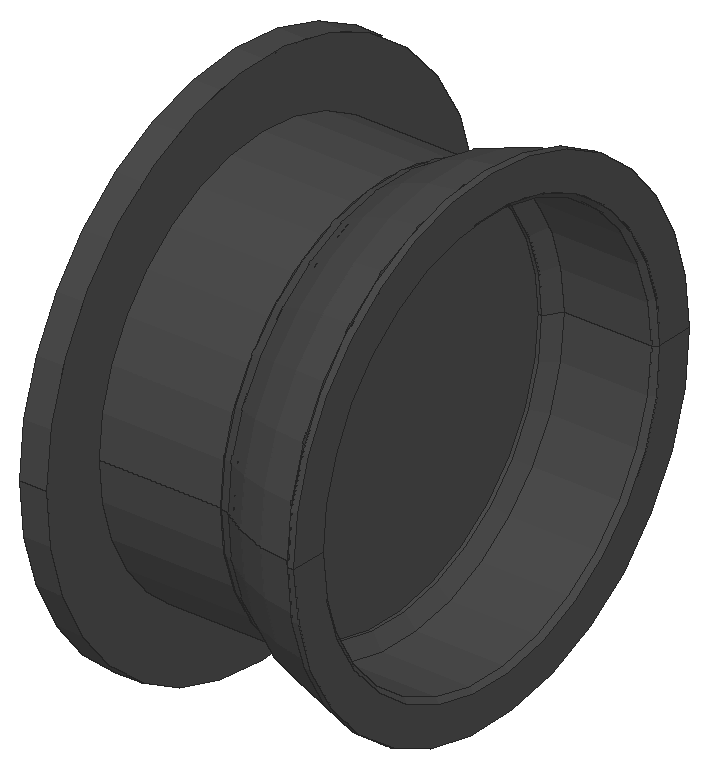
Revit family "FoFo_BF_Extremidade", category Pipe Fittings, Revit 2025
Family settings
  Round Connector Dimension = Use Radius
  Part Type = Transition
  OmniClass Number = 23.60.30.11.14
  OmniClass Title = Pipework Fittings
  Work Plane-Based = Yes
  Always vertical = No
  Cut with Voids When Loaded = No
  Shared = Yes
Parameters (values of type "EFJGS_0400")
  PN = "10"
  Material_Conexao = FOFO
  Manufacturer = "SGC"
  Loss Method = K Coefficient from Table
  K Coefficient Table = "Tee"
  Junta_2_Tipo = FoFo_FF_Junta : FLA_10_0400
  Junta_1_Tipo = FoFo_BO_Junta : JGS_0400
  Description = "Extremidade"
  Default Elevation = 0.0 mm
  DN = "400"
  Corpo_L = 160.0 mm
  Corpo_RE1 = 0.5 * Corpo_DE  # 214.5 mm
  Corpo_DE = 429.0 mm
Reference planes
  plane 1 "EixoP": y = 0
  plane 2: z = 0
  plane 3 "EixoS": x = 468.25
  plane 4 "EE": x = 388.25
  plane 5 "ED": x = 548.25
Forms (mm)
  Sweep 1, solid, material "FOFO"
    path origin (0, 0, 0) x (1, 0, 0) y (0, 1, 0)
      loop
        line (388.25, 0) -> (548.25, 0)
    profile origin (468.25, 0, 0) x (0, 1, 0) y (0, 0, 1)
      loop
        circle (0, 0) r 214.5
Dimensions and locks
  "Corpo_L": plane 4 "EE" to plane 5 "ED"
  equal spacing: plane 4 "EE", plane 3 "EixoS", plane 5 "ED"
  "Corpo_RE1": radius of Sweep 1 sketch curve
  aligned and locked: Sweep 1 sketch curve to plane 1 "EixoP"
  aligned and locked: plane 5 "ED" to Sweep 1 sketch curve
  aligned and locked: plane 4 "EE" to Sweep 1 sketch curve
  aligned and locked: nested 1 to Sweep 1
Automatic sketch dimensions
  Sweep 1 sketch curve to level = 0.0 mm
  Sweep 1 sketch curve to profile plane = 0.0 mm
Nested families
  nested 1: "FoFo_BO_Junta" at (-2070, 0, 0), type <- "Junta_1_Tipo", type "JGS_0400"
  nested 2: "FoFo_FF_Junta" at (388.25, 0, 0) x (0, -1, 0) z (-1, 0, 0), type <- "Junta_2_Tipo", type "FLA_10_0400"
    with Furo_V 252.552 mm, Flange_RT 214.5 mm, Flange_RL 200.0 mm, Flange_RG 240.0 mm, Flange_RF 257.5 mm, Flange_RD 282.5 mm, Furo_Quant 16, Flange_MA 11.25°, Furo_H 50.236 mm, Flange_Diam_Resalto 480.0 mm, Furo_Raio 12.0 mm, Furo_Diam 24.0 mm, Flange_Diam_Livre 400.0 mm, Flange_Diam_Furacao 515.0 mm, Flange_Diam_Tubo 429.0 mm, Flange_Diam_Externo 565.0 mm, Flange_Resalto 4.0 mm, Flange_Altura 28.0 mm
Connectors
  piping at (548.25, 0, 0), diameter 429, driven by "Corpo_RE1"
    settings: on Sweep 1, index 1, connector inside diameter 24", connector length 0.0 mm, flow factor 0, pipe flow 0 GPM, pressure drop 0.00 psi, fitting loss kfactor 0, connector angle 0.00°, fixture units 0, engagement length 0.0 mm, angle of deflection 0.00°, flow configuration 0, flow direction 0, fitting loss method 0, system type 7, joint type 0, gender type 0, connector reference index -1, connector utility 0, adjustable connector yes, is connector primary yes, connector description ""
  piping at (548.25, 0, 0), diameter 429
    settings: on Sweep 1, index 2, connector inside diameter 24", connector length 0.0 mm, flow factor 0, pipe flow 0 GPM, pressure drop 0.00 psi, fitting loss kfactor 0, connector angle 0.00°, fixture units 0, engagement length 0.0 mm, angle of deflection 0.00°, flow configuration 0, flow direction 0, fitting loss method 0, system type 7, joint type 0, gender type 0, connector reference index -1, connector utility 0, adjustable connector no, is connector primary no, connector description ""
  piping at (388.25, 0, 0), diameter 429, driven by "Corpo_RE1"
    settings: on Sweep 1, index 3, connector inside diameter 24", connector length 0.0 mm, flow factor 0, pipe flow 0 GPM, pressure drop 0.00 psi, fitting loss kfactor 0, connector angle 0.00°, fixture units 0, engagement length 0.0 mm, angle of deflection 0.00°, flow configuration 0, flow direction 0, fitting loss method 0, system type 7, joint type 0, gender type 0, connector reference index -1, connector utility 0, adjustable connector yes, is connector primary no, connector description ""
Definition of nested family "FoFo_BO_Junta"
  Parameters (values of type "JGS_0400")
    Manufacturer = "SGC"
    Loss Method = 1
    K Coefficient Table = "Tee"
    Description = "Bolsas JGS - JTI - JTE"
    Default Elevation = 0.0 mm
    DN = "400"
    Bolsa_RL = 0.5 * Bolsa_DL  # 200.0 mm
    Material_Conexao = none
    Bolsa_DL = 400.0 mm
    Bolsa_Borde3 = Bolsa_Borde1 * 1.1  # 7.7 mm
    Bolsa_Borde1 = 7.0 mm
    Bolsa_RI = 0.5 * Bolsa_DI  # 216.0 mm
    Bolsa_RE = 0.5 * Bolsa_DE  # 214.5 mm
    Bolsa_RB = 0.5 * Bolsa_DB  # 258.5 mm
    Bolsa_Borde2 = Bolsa_Borde1 * 2  # 14.0 mm
    Bolsa_P = 112.0 mm
    Bolsa_E2 = 0.5 * Bolsa_E  # 3.0 mm
    Bolsa_E = 6.0 mm
    Bolsa_DI = 432.0 mm
    Bolsa_DE = 429.0 mm
    Bolsa_DB = 517.0 mm
  Types (16, lengths in mm): name | DN | Bolsa_RL | Bolsa_DL | Bolsa_RI | Bolsa_RE | Bolsa_RB | Bolsa_P | Bolsa_DI | Bolsa_DE | Bolsa_DB
    JGS_1200 | "1200" | 600.0 | 1200.0 | 629.0 | 627.5 | 706.0 | 167.0 | 1258.0 | 1255.0 | 1412.0
    JGS_1000 | "1000" | 500.0 | 1000.0 | 525.5 | 524.0 | 595.5 | 157.0 | 1051.0 | 1048.0 | 1191.0
    JGS_0900 | "900" | 450.0 | 900.0 | 474.0 | 472.5 | 541.0 | 147.0 | 948.0 | 945.0 | 1082.0
    JGS_0800 | "800" | 400.0 | 800.0 | 422.5 | 421.0 | 487.0 | 147.0 | 845.0 | 842.0 | 974.0
    JGS_0700 | "700" | 350.0 | 700.0 | 370.5 | 369.0 | 431.5 | 147.0 | 741.0 | 738.0 | 863.0
    JGS_0600 | "600" | 300.0 | 600.0 | 319.0 | 317.5 | 369.5 | 122.0 | 638.0 | 635.0 | 739.0
    JGS_0500 | "500" | 250.0 | 500.0 | 267.5 | 266.0 | 315.0 | 117.0 | 535.0 | 532.0 | 630.0
    JGS_0450 | "450" | 225.0 | 450.0 | 241.5 | 240.0 | 287.5 | 115.0 | 483.0 | 480.0 | 575.0
    JGS_0400 | "400" | 200.0 | 400.0 | 216.0 | 214.5 | 258.5 | 112.0 | 432.0 | 429.0 | 517.0
    JGS_0350 | "350" | 175.0 | 350.0 | 190.5 | 189.0 | 232.5 | 110.0 | 381.0 | 378.0 | 465.0
    JGS_0300 | "300" | 150.0 | 300.0 | 164.5 | 163.0 | 205.0 | 107.0 | 329.0 | 326.0 | 410.0
    JGS_0250 | "250" | 125.0 | 250.0 | 138.5 | 137.0 | 176.5 | 105.0 | 277.0 | 274.0 | 353.0
    JGS_0200 | "200" | 100.0 | 200.0 | 112.5 | 111.0 | 148.0 | 106.0 | 225.0 | 222.0 | 296.0
    JGS_0150 | "150" | 75.0 | 150.0 | 86.5 | 85.0 | 121.5 | 100.0 | 173.0 | 170.0 | 243.0
    JGS_0100 | "100" | 50.0 | 100.0 | 60.5 | 59.0 | 94.5 | 94.0 | 121.0 | 118.0 | 189.0
    JGS_0080 | "80" | 40.0 | 80.0 | 50.5 | 49.0 | 84.0 | 92.0 | 101.0 | 98.0 | 168.0
  Reference planes
    plane 1 "EixoP": y = 0
    plane 2: z = 0
    plane 3 "EixoS": x = 2618.25
    plane 4: x = 2730.25
    plane 5: y = 258.5
    plane 6: y = 216
    plane 7: y = 214.5
    plane 8: y = 200
  Forms (mm)
    Revolve 1, solid, material <- "Material_Conexao"
      sketch origin (-3000, 0, 0) x (1, 0, 0) y (0, 1, 0)
        loop
          arc (5716.25, 250.8) -> (5670.117, 241.457) -> (5628.857, 218.804) r 156.302
          line (5628.857, 218.804) -> (5618.25, 214.5) -> (5618.25, 200.5) -> (5623.25, 200.5) -> (5633.25, 216) -> (5725.25, 216) -> (5730.25, 221) -> (5730.25, 258.5) -> (5723.25, 258.5) -> (5716.25, 250.8)
        axis (5618.25, 0) -> (5730.25, 0)
      angle from 0 to 360
  Lines and regions (mm)
    model lines, detail levels coarse
      curve 1: line (2618.25, 0, 0) -> (2648.25, 0, 0)
      curve 2: arc (2698.25, 50, 0) -> (2648.25, 0, 0) -> (2698.25, -50, 0) r 50
  Dimensions and locks
    "Bolsa_Borde1": Revolve 1 sketch curve to Revolve 1 sketch curve
    "Bolsa_Borde2": Revolve 1 sketch curve to Revolve 1 sketch curve
    "Bolsa_Borde3": Revolve 1 sketch curve to Revolve 1 sketch curve
    "Bolsa_P": plane 3 "EixoS" to Revolve 1 sketch curve
    "Bolsa_P": plane 4 to plane 3 "EixoS"
    "Bolsa_RB": plane 5 to plane 1 "EixoP"
    "Bolsa_RI": plane 6 to plane 1 "EixoP"
    "Bolsa_RE": plane 7 to plane 1 "EixoP"
    "Bolsa_RL": plane 8 to plane 1 "EixoP"
    aligned and locked: Revolve 1 sketch curve to plane 1 "EixoP"
    aligned and locked: Revolve 1 sketch curve to plane 5
    aligned and locked: plane 6 to Revolve 1 sketch curve
  Automatic sketch dimensions
    curve 1 to plane 1 "EixoP" = 0.0 mm
    curve 1 to plane 3 "EixoS" = 0.0 mm
    plane 1 "EixoP" to curve 2 = 0.0 mm
    plane 3 "EixoS" to curve 2 = 80.0 mm
    plane 3 "EixoS" to curve 1 = 30.0 mm
    Revolve 1 sketch curve to plane 3 "EixoS" = 0.0 mm  (x2)
    Revolve 1 sketch curve to plane 7 = 0.0 mm
    plane 8 to Revolve 1 sketch curve = 0.5 mm
    plane 3 "EixoS" to Revolve 1 sketch curve = 5.0 mm
    plane 6 to Revolve 1 sketch curve = 2.804 mm
    plane 3 "EixoS" to Revolve 1 sketch curve = 10.607 mm
    Revolve 1 sketch curve to Revolve 1 sketch curve = 4.393 mm
    Revolve 1 sketch curve to plane 4 = 6.397 mm
    Revolve 1 sketch curve to plane 4 = 5.0 mm
    plane 6 to Revolve 1 sketch curve = 5.0 mm
    plane 4 to Revolve 1 sketch curve = 9.153 mm
Definition of nested family "FoFo_FF_Junta"
  Parameters (values of type "FLA_10_0080")
    PN = "10"
    Material_Conexao = none
    Manufacturer = "SGC"
    Furo_V = Flange_RF * cos(Flange_MA)  # 73.91 mm
    Flange_RT = 0.5 * Flange_Diam_Tubo  # 49.0 mm
    Flange_RL = 0.5 * Flange_Diam_Livre  # 40.0 mm
    Flange_RG = 0.5 * Flange_Diam_Resalto  # 66.0 mm
    Flange_RF = 0.5 * Flange_Diam_Furacao  # 80.0 mm
    Flange_RD = 0.5 * Flange_Diam_Externo  # 100.0 mm
    Furo_Quant = 8
    Flange_MA = 0.5 * (360.00° / Furo_Quant)  # 22.50°
    Furo_H = Flange_RF * sin(Flange_MA)  # 30.615 mm
    Flange_Diam_Resalto = 132.0 mm
    Furo_Raio = 0.5 * Furo_Diam  # 8.0 mm
    Furo_Diam = 16.0 mm
    Flange_Diam_Livre = 80.0 mm
    Flange_Diam_Furacao = 160.0 mm
    Flange_Diam_Tubo = 98.0 mm
    Flange_Diam_Externo = 200.0 mm
    Flange_Resalto = 3.0 mm
    Flange_Altura = 19.0 mm
    Description = "Flange"
    Default Elevation = 0.0 mm
    DN = "80"
  Reference planes
    plane 1 "Centro (Frente/Trás)": y = 0
    plane 2: z = 0
    plane 3 "Centro (Esquerda/Direita)": x = 0
    plane 4: z = -3
    plane 5: z = -22
  Forms (mm)
    Extrusion 1, solid
      sketch origin (0, 0, 0) x (1, 0, 0) y (0, 1, 0)
        loop
          circle (0, 0) r 100
      from -22 to -3
    Extrusion 2, solid
      sketch origin (0, 0, 0) x (1, 0, 0) y (0, 1, 0)
        loop
          circle (0, 0) r 66
      from 0 to -3
    Extrusion 3, void
      sketch origin (0, 0, 0) x (1, 0, 0) y (0, 1, 0)
        loop
          circle (0, 0) r 40
      from 0 to -22
  Cuts and joins
    Extrusion 3 cuts Extrusion 1
    Extrusion 3 cuts Extrusion 2
    joined: Extrusion 1, Extrusion 2
  Lines and regions (mm)
    model lines
      curve 1: line (-40, 0, 0) -> (40, 0, 0)
      curve 2: line (0, 40, 0) -> (0, -40, 0)
  Dimensions and locks
    "Flange_Resalto": plane 2 to plane 4
    "Flange_Altura": plane 4 to plane 5
    "Flange_RD": radius of Extrusion 1 sketch curve
    "Flange_RG": radius of Extrusion 2 sketch curve
    "Flange_RL": radius of Extrusion 3 sketch curve
    aligned and locked: plane 2 to level
    aligned and locked: Extrusion 1 to plane 5
    aligned and locked: Extrusion 1 to Extrusion 3
    aligned and locked: cut or joined group of Extrusion 1, Extrusion 2, Extrusion 3 to plane 4
    aligned and locked: plane 4 to cut or joined group of Extrusion 1, Extrusion 2, Extrusion 3
  Automatic sketch dimensions
    plane 1 "Centro (Frente/Trás)" to curve 1 = 0.0 mm
    curve 1 to plane 3 "Centro (Esquerda/Direita)" = 40.0 mm
    plane 3 "Centro (Esquerda/Direita)" to curve 1 = 40.0 mm
    plane 1 "Centro (Frente/Trás)" to curve 2 = 40.0 mm
    curve 2 to plane 1 "Centro (Frente/Trás)" = 40.0 mm
    curve 2 to plane 3 "Centro (Esquerda/Direita)" = 0.0 mm
    plane 1 "Centro (Frente/Trás)" to Extrusion 1 sketch curve = 0.0 mm
    Extrusion 1 sketch curve to plane 3 "Centro (Esquerda/Direita)" = 0.0 mm
    plane 1 "Centro (Frente/Trás)" to Extrusion 2 sketch curve = 0.0 mm
    Extrusion 2 sketch curve to plane 3 "Centro (Esquerda/Direita)" = 0.0 mm
    plane 1 "Centro (Frente/Trás)" to Extrusion 3 sketch curve = 0.0 mm
    Extrusion 3 sketch curve to plane 3 "Centro (Esquerda/Direita)" = 0.0 mm
Types in the file's own list only (15): name | Junta_2_Tipo | Junta_1_Tipo | DN | Corpo_L | Corpo_RE1 | Corpo_DE
  EFJGS_0080 | FoFo_FF_Junta : FLA_10_0080 | FoFo_BO_Junta : JGS_0080 | "80" | 130.0 mm | 49.0 mm | 98.0 mm
  EFJGS_0100 | FoFo_FF_Junta : FLA_10_0100 | FoFo_BO_Junta : JGS_0100 | "100" | 130.0 mm | 59.0 mm | 118.0 mm
  EFJGS_0150 | FoFo_FF_Junta : FLA_10_0150 | FoFo_BO_Junta : JGS_0150 | "150" | 135.0 mm | 85.0 mm | 170.0 mm
  EFJGS_0200 | FoFo_FF_Junta : FLA_10_0200 | FoFo_BO_Junta : JGS_0200 | "200" | 140.0 mm | 111.0 mm | 222.0 mm
  EFJGS_0250 | FoFo_FF_Junta : FLA_10_0250 | FoFo_BO_Junta : JGS_0250 | "250" | 145.0 mm | 137.0 mm | 274.0 mm
  EFJGS_0300 | FoFo_FF_Junta : FLA_10_0300 | FoFo_BO_Junta : JGS_0300 | "300" | 150.0 mm | 163.0 mm | 326.0 mm
  EFJGS_0350 | FoFo_FF_Junta : FLA_10_0350 | FoFo_BO_Junta : JGS_0350 | "350" | 155.0 mm | 189.0 mm | 378.0 mm
  EFJGS_0450 | FoFo_FF_Junta : FLA_10_0450 | FoFo_BO_Junta : JGS_0450 | "450" | 165.0 mm | 240.0 mm | 480.0 mm
  EFJGS_0500 | FoFo_FF_Junta : FLA_10_0500 | FoFo_BO_Junta : JGS_0500 | "500" | 170.0 mm | 266.0 mm | 532.0 mm
  EFJGS_0600 | FoFo_FF_Junta : FLA_10_0600 | FoFo_BO_Junta : JGS_0600 | "600" | 180.0 mm | 317.5 mm | 635.0 mm
  EFJGS_0700 | FoFo_FF_Junta : FLA_10_0700 | FoFo_BO_Junta : JGS_0700 | "700" | 190.0 mm | 369.0 mm | 738.0 mm
  EFJGS_0800 | FoFo_FF_Junta : FLA_10_0800 | FoFo_BO_Junta : JGS_0800 | "800" | 200.0 mm | 421.0 mm | 842.0 mm
  EFJGS_0900 | FoFo_FF_Junta : FLA_10_0900 | FoFo_BO_Junta : JGS_0900 | "900" | 210.0 mm | 472.5 mm | 945.0 mm
  EFJGS_1000 | FoFo_FF_Junta : FLA_10_1000 | FoFo_BO_Junta : JGS_1000 | "1000" | 220.0 mm | 524.0 mm | 1048.0 mm
  EFJGS_1200 | FoFo_FF_Junta : FLA_10_1200 | FoFo_BO_Junta : JGS_1200 | "1200" | 240.0 mm | 627.5 mm | 1255.0 mm
